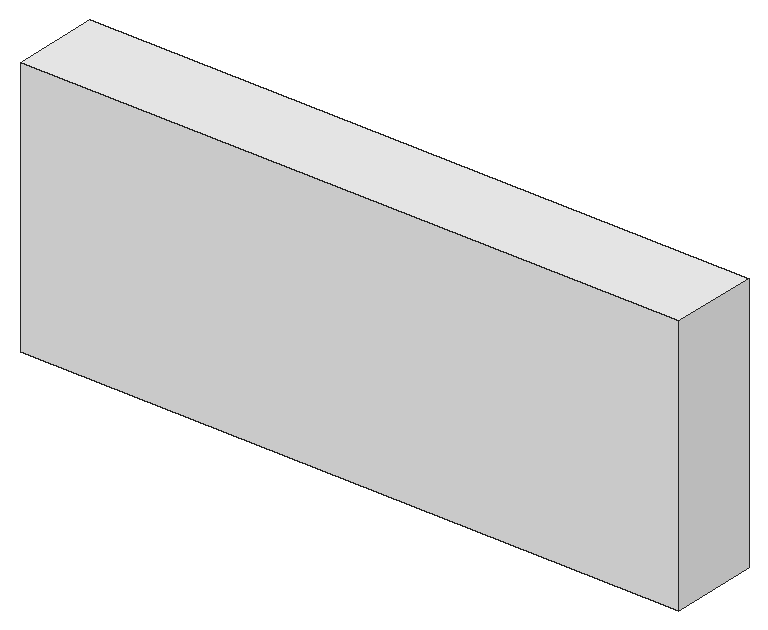
Revit family "Cinta_Con_Retang", category Structural Framing, Revit 2020
Family settings
  Structural Framing Length Roundoff = 0 mm
  Section Shape = Not Defined
  Material for Model Behavior = Other
  Always export as geometry = No
  OmniClass Number = 23.25.30.11.14.14
  OmniClass Title = Beams
  Always vertical = Yes
  Cut with Voids When Loaded = No
  Symbolic Representation = From Family
  Shared = No
  Show family pre-cut in plan views = Yes
Parameters (values of type "CIN_020x060_BLC_CON_RET")
  Structural Material [instance] = CT_Concreto
  Material_Cintas = CT_Concreto
  Assembly Code = ""
  Length [instance] = 1524 mm
  b = 200 mm
  h = 600 mm
Types (4, lengths in mm): name | Structural Material | Material_Cintas | b | h
  CIN_020x060_BLC_CON_RET | CT_Concreto | CT_Concreto | 200 | 600
  CIN_015x060_BLC_CON_RET | CT_Asfaltos | CT_Asfaltos | 150 | 600
  CIN_020x075_BLC_CON_RET | CT_Asfaltos | CT_Asfaltos | 200 | 750
  CIN_020x100_BLC_CON_RET | CT_Asfaltos | CT_Asfaltos | 200 | 1000
Reference planes
  plane 1 "Center (Front/Back)": y = 0
  plane 2: z = 0
  plane 3 "Center (Left/Right)": x = 26.61
  plane 4: y = 100
  plane 5: y = -100
  plane 6: z = 300
  plane 7 "Bottom": z = -300
  plane 8 "Left": x = -735.39
  plane 9 "Right": x = 788.61
Forms (mm)
  Extrusion 1, solid, material "CT_Concreto" <- "Material_Cintas"
    sketch origin (614.21, -100, 290) x (-1, 0, 0) y (0, 0, -1)
      loop
        line (-174.4, -10) -> (1349.6, -10) -> (1349.6, 590) -> (-174.4, 590) -> (-174.4, -10)
    from -200 to 0
Dimensions and locks
  "b": plane 4 to plane 5
  equal spacing: plane 7 "Bottom", plane 2, plane 6
  equal spacing: plane 4, plane 1 "Center (Front/Back)", plane 5
  "h": plane 7 "Bottom" to plane 6
  "Length": plane 8 "Left" to plane 9 "Right"
  plane 4 to plane 5 = 200 mm
  equal spacing: plane 8 "Left", plane 3 "Center (Left/Right)", plane 9 "Right"
  plane 1 "Center (Front/Back)" to Extrusion 1 = 100 mm
  aligned and locked: plane 8 "Left" to Extrusion 1
  aligned and locked: Extrusion 1 to plane 9 "Right"
  aligned and locked: plane 7 "Bottom" to Extrusion 1
  aligned and locked: plane 4 to Extrusion 1
  aligned and locked: Extrusion 1 to plane 5
Automatic sketch dimensions
  plane 7 "Bottom" to Extrusion 1 sketch curve = 0 mm
  plane 6 to Extrusion 1 sketch curve = 0 mm
  plane 9 "Right" to Extrusion 1 sketch curve = 0 mm
  Extrusion 1 sketch curve to plane 8 "Left" = 0 mm
